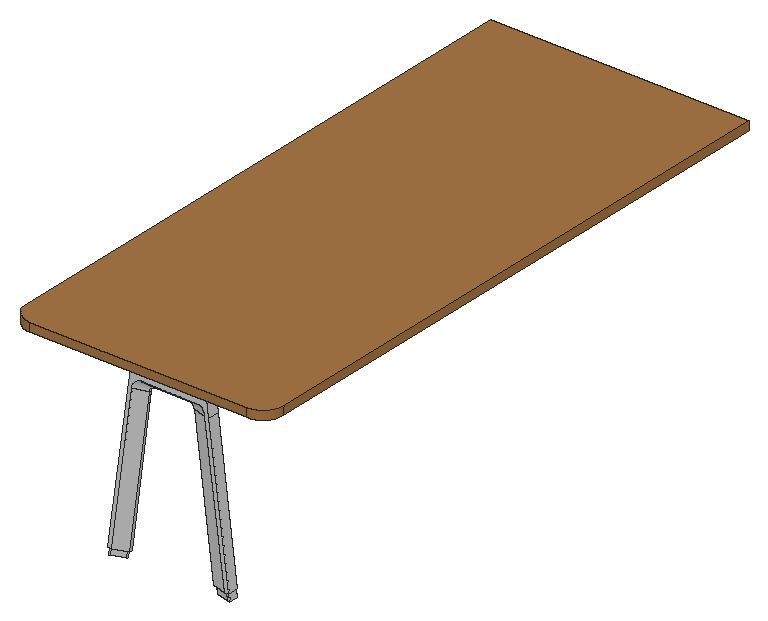
Revit family "Worksurface-Teknion-JNWPSN-Peninsula-R2018", category Furniture, Revit 2018
Family settings
  OmniClass Number = 23.40.20.00
  OmniClass Title = General Furniture and Specialties
  Work Plane-Based = No
  Always vertical = Yes
  Cut with Voids When Loaded = No
  Shared = Yes
  Room Calculation Point = No
Parameters (values of type "36" Depth, Curved Corner Detail")
  Worksurface Finish [instance] = Foundation Laminate - Teknion - YA - Anigre
  Worksurface Edge = if(Corner, 5.000", 1.000")  # 5.000"
  Width [instance] = 84.000"
  Warranty = "http://www.teknion.com/ca/papers/legal-canada"
  Unit Weight URL = "http://www.teknion.com/ca/tools/assets#&asset=bee6a381-b954-425e-8283-5a2de3a804f2,f828d448-4b62-4231-9e5f-9a8991c0ed77"
  URL = "www.teknion.com"
  To render please download texture images found here [instance] = "https://assets.teknion.com/web/5e81352c1dfdb467/revit-material-swatches/"
  Sustainability Data = "https://www.teknion.com/ca/tools/assets#&topic=216f99a5-57a0-44fc-b10a-9dee9b29ae4c&asset=444deb64-fe58-4b68-981e-f75e97781df7,b4ff2d81-9f2e-437d-9659-7cffb09c31cf"
  Standard = no
  Square Cut-Out [instance] = no
  Square Cut [instance] = if([Square Cut-Out], 5.000", 1.000")  # 1.000"
  Series = "Expansion Cityline"  # constant formula
  Product Page URL = "https://www.teknion.com/ca/products/product-details?productlineid=9ad2a26e-8e7a-673b-a6c8-ff05004460c4"
  Product Line = "Expansion Cityline"  # constant formula
  Product Documentation Link = "https://www.teknion.com/pricing/expansion-cityline/pdfs/JNWPSN_ppg.pdf"
  Power and Data Access Options [instance] = "Select one option below."  # constant formula
  Part Number = "JNWPSN"  # constant formula
  No Power and Data Access [instance] = not(or(Access Door, Grommet, [Square Cut-Out]))  # yes
  Model = "JNWPSN36_C_"
  Manufacturer Phone = "416-661-3370"  # constant formula
  Manufacturer Fax = "416.661.4586"  # constant formula
  Manufacturer Contact Information = "http://www.teknion.com/ca/contactus"
  Manufacturer Address = "1150 Flint Road, Toronto, ON. M3J 2J5. Canada"  # constant formula
  Manufacturer = "Teknion"  # constant formula
  Leg Metal Finish [instance] = Paint - Teknion - Foundation - Crisp Grey
  How To Use Teknion Materials User Guide [instance] = "https://assets.teknion.com/m/205dd0a49fa58060/original/How-to-add-a-Material-Library-and-Texture-Images-to-your-Revit-project.pdf"
  Grommet Finish [instance] = Paint - Teknion - Foundation - Crisp Grey
  Grommet [instance] = no
  Freestanding Leg Offset [instance] = 6.000"
  Freestanding Leg - Penisnula Visibility [instance] = yes
  For Additional Finishes please visit [instance] = "https://assets.teknion.com/m/44a8009b046e5d47/original/Teknion_Materials_Library.zip"
  Description = "Peninsula Worksurface, 36\" Depth, Curved Corner Detail"
  Depth = 36.000"
  Corner = yes
  Available Width [instance] = "48, 54, 60, 66, 72, 78, and 84 Inches"  # constant formula
  Assembly Code = "E2020200"
  Actual Width [instance] = if(or(Width < 48.000", Width = 48.000"), 48.000", if(or(Width > 84.000", Width = 84.000"), 84.000", if(or(Width = 54.000", Width = 60.000", Width = 66.000", Width = 72.000"), Width, 66.000")))  # 84.000"
  Access Door Finish [instance] = Paint - Teknion - Foundation - Crisp Grey
  Access Door [instance] = no
  Access Cut [instance] = if(Access Door, 5.000", 1.000")  # 1.000"
Types (7): name | Worksurface Edge | Width | Standard | Model | Description | Depth | Corner | Actual Width
  (no name) | 5.000" | 84.000" | no | "JNWPSN36_C_" | "Peninsula Worksurface, 36\" Depth, Curved Corner Detail" | 36.000" | yes | 84.000"
  24" Depth, Curved Corner Detail | 5.000" | 48.000" | no | "JNWPSN24_C_" | "Peninsula Worksurface, 24\" Depth, Curved Corner Detail" | 24.000" | yes | 48.000"
  24" Depth, Standard Corner Detail | 1.000" | 48.000" | yes | "JNWPSN24_S_" | "Peninsula Worksurface, 24\" Depth, Standard Corner Detail" | 24.000" | no | 48.000"
  30" Depth, Curved Corner Detail | 5.000" | 48.000" | no | "JNWPSN30_C_" | "Peninsula Worksurface, 30\" Depth, Curved Corner Detail" | 30.000" | yes | 48.000"
  30" Depth, Standard Corner Detail | 1.000" | 48.000" | yes | "JNWPSN30_S_" | "Peninsula Worksurface, 30\" Depth, Standard Corner Detail" | 30.000" | no | 48.000"
  36" Depth, Curved Corner Detail | 5.000" | 84.000" | no | "JNWPSN36_C_" | "Peninsula Worksurface, 36\" Depth, Curved Corner Detail" | 36.000" | yes | 84.000"
  36" Depth, Standard Corner Detail | 1.000" | 48.000" | yes | "JNWPSN36_S_" | "Peninsula Worksurface, 36\" Depth, Standard Corner Detail" | 36.000" | no | 48.000"
Reference planes (in)
  plane 1 "Center Front/Back": y = 0
  plane 2: z = 0
  plane 3 "Center Left/Right": x = 0
  plane 4 "Left": x = -18
  plane 5 "Right": x = 18
  plane 6 "Back": y = 42
  plane 7 "Front": y = -42
  plane 8 "Top": z = 29
  plane 9 "LEg Plane": y = -36
Forms (in)
  Sweep 1, solid, material "Foundation Laminate - Teknion - YA - Anigre" <- "Worksurface Finish"
    path origin (0, 0, 0) x (1, 0, 0) y (0, 0, 1)
      loop
        line (0, 27.81102) -> (0, 29)
    profile origin (0, 0, 28.40551) x (-1, 0, 0) y (0, -1, 0)
      loop
        line (18, -42) -> (18, 42) -> (-18, 42) -> (-18, -42) -> (18, -42)
  Sweep 2, void
    path origin (0, 0, 0) x (1, 0, 0) y (0, 0, 1)
      loop
        line (0, 31) -> (0, 26)
    profile origin (0, 0, 28.5) x (0, -1, 0) y (1, 0, 0)
      loop
        line (42, -18) -> (42, -15.126)
        arc (42, -15.126) -> (41.15822, -17.15822) -> (39.126, -18) r 2.874
        line (39.126, -18) -> (42, -18)
      loop
        line (42, 18) -> (39.126, 18)
        arc (39.126, 18) -> (41.15822, 17.15822) -> (42, 15.126) r 2.874
        line (42, 15.126) -> (42, 18)
  Sweep 3, void
    path origin (0, 0, 0) x (1, 0, 0) y (0, 0, 1)
      loop
        line (0, 31) -> (0, 30)
    profile origin (0, 0, 30.5) x (0, -1, 0) y (1, 0, 0)
      loop
        arc (-37.55354, -0.58661) -> (-37.44792, -0.84162) -> (-37.19291, -0.94724) r 0.36063
        line (-37.19291, -0.94724) -> (-36.01969, -0.94724)
        arc (-36.01969, -0.94724) -> (-35.76468, -0.84162) -> (-35.65906, -0.58661) r 0.36063
        line (-35.65906, -0.58661) -> (-35.65906, 0.58661)
        arc (-35.65906, 0.58661) -> (-35.76468, 0.84162) -> (-36.01969, 0.94724) r 0.36063
        line (-36.01969, 0.94724) -> (-37.19291, 0.94724)
        arc (-37.19291, 0.94724) -> (-37.44792, 0.84162) -> (-37.55354, 0.58661) r 0.36063
        line (-37.55354, 0.58661) -> (-37.55354, -0.58661)
  Sweep 4, solid, material "Paint - Teknion - Foundation - Crisp Grey" <- "Grommet Finish", visible <- "Square Cut-Out"
    path origin (0, 0, 0) x (1, 0, 0) y (0, 0, 1)
      loop
        line (0, 29) -> (0, 27.44488)
    profile origin (0, 0, 28.22244) x (0, -1, 0) y (1, 0, 0)
      loop
        line (-37.55354, 0.58661) -> (-37.55354, -0.58661)
        arc (-37.55354, -0.58661) -> (-37.44792, -0.84162) -> (-37.19291, -0.94724) r 0.36063
        line (-37.19291, -0.94724) -> (-36.01969, -0.94724)
        arc (-36.01969, -0.94724) -> (-35.76468, -0.84162) -> (-35.65906, -0.58661) r 0.36063
        line (-35.65906, -0.58661) -> (-35.65906, 0.58661)
        arc (-35.65906, 0.58661) -> (-35.76468, 0.84162) -> (-36.01969, 0.94724) r 0.36063
        line (-36.01969, 0.94724) -> (-37.19291, 0.94724)
        arc (-37.19291, 0.94724) -> (-37.44792, 0.84162) -> (-37.55354, 0.58661) r 0.36063
      loop
        arc (-37.48254, -0.58661) -> (-37.39771, -0.79141) -> (-37.19291, -0.87624) r 0.28963
        line (-37.19291, -0.87624) -> (-36.01969, -0.87624)
        arc (-36.01969, -0.87624) -> (-35.81489, -0.79141) -> (-35.73006, -0.58661) r 0.28963
        line (-35.73006, -0.58661) -> (-35.73006, 0.58661)
        arc (-35.73006, 0.58661) -> (-35.81489, 0.79141) -> (-36.01969, 0.87624) r 0.28963
        line (-36.01969, 0.87624) -> (-37.19291, 0.87624)
        arc (-37.19291, 0.87624) -> (-37.39771, 0.79141) -> (-37.48254, 0.58661) r 0.28963
        line (-37.48254, 0.58661) -> (-37.48254, -0.58661)
  Sweep 5, solid, material "Paint - Teknion - Foundation - Crisp Grey" <- "Access Door Finish", visible <- "Grommet"
    path origin (0, 0, 0) x (1, 0, 0) y (0, 0, 1)
      loop
        line (0, 29) -> (0, 29.15748)
    profile origin (0, 0, 29.07874) x (-1, 0, 0) y (0, -1, 0)
      loop
        line (3.32716, -38.02833) -> (3.32716, -35.18427) -> (0.47893, -35.18427) -> (0.47893, -38.02833) -> (3.32716, -38.02833)
  Sweep 6, solid, material "Paint - Teknion - Foundation - Crisp Grey" <- "Grommet Finish", visible <- "Grommet"
    path origin (0, 0, 0) x (1, 0, 0) y (0, 0, 1)
      loop
        line (0, 29) -> (0, 29.15748)
    profile origin (0, 0, 29.07874) x (-1, 0, 0) y (0, -1, 0)
      loop
        line (0.47893, -38.02833) -> (0.47893, -36.81897) -> (-1.80067, -36.81897) -> (-1.80067, -36.39363) -> (0.47893, -36.39363) -> (0.47893, -35.18427) -> (-3.32816, -35.18427) -> (-3.32816, -38.02833) -> (0.47893, -38.02833)
  Sweep 7, solid, material "Paint - Teknion - Foundation - Crisp Grey" <- "Access Door Finish", visible <- "Access Door"
    path origin (0, 0, 0) x (1, 0, 0) y (0, 0, 1)
      loop
        line (0, 29) -> (0, 29.07874)
    profile origin (0, 0, 29.03937) x (-1, 0, 0) y (0, -1, 0)
      loop
        line (4.72441, -39.72835) -> (4.72441, -33.27165) -> (-4.72441, -33.27165) -> (-4.72441, -39.72835) -> (4.72441, -39.72835)
      loop
        line (4.40945, -33.58661) -> (-4.40945, -33.58661) -> (-4.40945, -39.41339) -> (4.40945, -39.41339) -> (4.40945, -33.58661)
      loop
        line (-4.37008, -38.88189) -> (4.37008, -38.88189) -> (4.37008, -34.11811) -> (-4.37008, -34.11811) -> (-4.37008, -38.88189)
  Sweep 8, void
    path origin (0, 0, 0) x (1, 0, 0) y (0, 0, 1)
      loop
        line (0, 31) -> (0, 30)
    profile origin (0, 0, 30.5) x (0, -1, 0) y (1, 0, 0)
      loop
        line (-39.625, -4.625) -> (-33.375, -4.625) -> (-33.375, 4.625) -> (-39.625, 4.625) -> (-39.625, -4.625)
  Sweep 9, solid, material "Paint - Teknion - Foundation - Crisp Grey" <- "Leg Metal Finish", visible <- "Freestanding Leg - Penisnula Visibility"
    path origin (0, 0, 0) x (1, 0, 0) y (0, 0, 1)
      loop
        line (0, 27.81102) -> (0, 27.69291)
    profile origin (0, 0, 27.75197) x (0, -1, 0) y (1, 0, 0)
      loop
        line (33.51969, -6.26289) -> (38.48031, -6.26289) -> (38.48031, 6.24892) -> (33.51969, 6.24892) -> (33.51969, -6.26289)
  SweptBlend 10, solid, material "Paint - Teknion - Foundation - Crisp Grey" <- "Leg Metal Finish", visible <- "Freestanding Leg - Penisnula Visibility"
    path origin (0, 0, 0) x (1, 0, 0) y (0, 0, 1)
      loop
        line (0, 1) -> (0, 22.06496)
    profile origin (0, 0, 1) x (-1, 0, 0) y (0, -1, 0)
      loop
        line (8.41459, 35.25) -> (8.41459, 36.75) -> (7.91028, 36.75) -> (5.89302, 36.13156) -> (5.89302, 35.86844) -> (7.91028, 35.25) -> (8.41459, 35.25)
    end profile origin (0, 0, 22.06496) x (-1, 0, 0) y (0, -1, 0)
      loop
        line (5.13702, 35.25) -> (5.64134, 35.25) -> (5.64134, 36.75) -> (5.13702, 36.75) -> (3.11976, 36.13156) -> (3.11976, 35.86844) -> (5.13702, 35.25)
  SweptBlend 11, solid, material "Paint - Teknion - Foundation - Crisp Grey" <- "Leg Metal Finish", visible <- "Freestanding Leg - Penisnula Visibility"
    path origin (0, 0, 0) x (1, 0, 0) y (0, 0, 1)
      loop
        line (0, 22.06496) -> (0, 1)
    profile origin (0, 0, 22.06496) x (0, -1, 0) y (1, 0, 0)
      loop
        line (36.13156, 3.11976) -> (36.75, 5.13702) -> (36.75, 5.64134) -> (35.25, 5.64134) -> (35.25, 5.13702) -> (35.86844, 3.11976) -> (36.13156, 3.11976)
    end profile origin (0, 0, 1) x (0, -1, 0) y (1, 0, 0)
      loop
        line (35.25, 8.41389) -> (35.25, 7.90957) -> (35.86844, 5.89231) -> (36.13156, 5.89231) -> (36.75, 7.90957) -> (36.75, 8.41389) -> (35.25, 8.41389)
  Sweep 12, solid, material "Paint - Teknion - Foundation - Crisp Grey" <- "Leg Metal Finish", visible <- "Freestanding Leg - Penisnula Visibility"
    path origin (0, 0, 0) x (1, 0, 0) y (0, 1, 0)
      loop
        line (0, -35.25) -> (0, -36.75)
    profile origin (0, -36, 0) x (1, 0, 0) y (0, 0, 1)
      loop
        line (-5.64134, 22.06496) -> (-3.11976, 22.06496)
        arc (-3.11976, 22.06496) -> (-2.8333, 22.6009) -> (-2.26455, 22.81496) r 0.86259
        line (-2.26455, 22.81496) -> (2.25059, 22.81496)
        arc (2.25059, 22.81496) -> (2.8246, 22.60154) -> (3.11976, 22.06496) r 0.87864
        line (3.11976, 22.06496) -> (5.64134, 22.06496) -> (4.96764, 27.69291) -> (-4.9004, 27.69291) -> (-5.64134, 22.06496)
  SweptBlend 13, void
    path origin (0, 0, 0) x (1, 0, 0) y (0, 1, 0)
      loop
        line (0, -36.13156) -> (0, -36.75)
    profile origin (0, -36.13156, 0) x (1, 0, 0) y (0, 0, 1)
      loop
        arc (-2.26455, 22.81496) -> (-2.8333, 22.6009) -> (-3.11976, 22.06496) r 0.86259
        line (-3.11976, 22.06496) -> (3.11976, 22.06496)
        arc (3.11976, 22.06496) -> (2.8246, 22.60154) -> (2.25059, 22.81496) r 0.87864
        line (2.25059, 22.81496) -> (-2.26455, 22.81496)
    end profile origin (0, -36.75, 0) x (1, 0, 0) y (0, 0, 1)
      loop
        line (-5.13702, 22.06496) -> (5.13702, 22.06496)
        arc (5.13702, 22.06496) -> (4.66275, 22.9629) -> (3.71775, 23.33465) r 1.46062
        line (3.71775, 23.33465) -> (-3.71775, 23.33465)
        arc (-3.71775, 23.33465) -> (-4.66275, 22.9629) -> (-5.13702, 22.06496) r 1.46062
  SweptBlend 14, void
    path origin (0, 0, 0) x (1, 0, 0) y (0, 1, 0)
      loop
        line (0, -35.86844) -> (0, -35.25)
    profile origin (0, -35.86844, 0) x (-1, 0, 0) y (0, 0, 1)
      loop
        line (2.26455, 22.81496) -> (-2.25059, 22.81496)
        arc (-2.25059, 22.81496) -> (-2.8246, 22.60154) -> (-3.11976, 22.06496) r 0.87864
        line (-3.11976, 22.06496) -> (3.11976, 22.06496)
        arc (3.11976, 22.06496) -> (2.8333, 22.6009) -> (2.26455, 22.81496) r 0.86259
    end profile origin (0, -35.25, 0) x (-1, 0, 0) y (0, 0, 1)
      loop
        arc (5.13702, 22.06496) -> (4.66275, 22.9629) -> (3.71775, 23.33465) r 1.46062
        line (3.71775, 23.33465) -> (-3.71775, 23.33465)
        arc (-3.71775, 23.33465) -> (-4.66275, 22.9629) -> (-5.13702, 22.06496) r 1.46062
        line (-5.13702, 22.06496) -> (5.13702, 22.06496)
  SweptBlend 15, solid, material "Paint - Teknion - Foundation - Crisp Grey" <- "Leg Metal Finish", visible <- "Freestanding Leg - Penisnula Visibility"
    path origin (-18, -36, 48) x (-1, 0, 0) y (0, 0, 1)
      loop
        line (-18, -48) -> (-18, -47)
    profile origin (0, -36, 0) x (1, 0, 0) y (0, 1, 0)
      loop
        line (-8.40726, 0.59252) -> (-8.40726, -0.59252) -> (-8.1714, -0.59252) -> (-6.34235, -0.01579) -> (-6.34235, 0.01579) -> (-8.1714, 0.59252) -> (-8.40726, 0.59252)
    end profile origin (0, -36, 1) x (1, 0, 0) y (0, 1, 0)
      loop
        line (-8.27561, 0.59252) -> (-8.27561, -0.59252) -> (-8.03975, -0.59252) -> (-6.2107, -0.01579) -> (-6.2107, 0.01579) -> (-8.03975, 0.59252) -> (-8.27561, 0.59252)
  SweptBlend 16, solid, material "Paint - Teknion - Foundation - Crisp Grey" <- "Leg Metal Finish", visible <- "Freestanding Leg - Penisnula Visibility"
    path origin (-18, -36, 48) x (-1, 0, 0) y (0, 0, 1)
      loop
        line (-18, -48) -> (-18, -47)
    profile origin (0, -36, 0) x (1, 0, 0) y (0, 1, 0)
      loop
        line (8.1714, 0.59252) -> (6.34235, 0.01579) -> (6.34235, -0.01579) -> (8.1714, -0.59252) -> (8.40726, -0.59252) -> (8.40726, 0.59252) -> (8.1714, 0.59252)
    end profile origin (0, -36, 1) x (1, 0, 0) y (0, 1, 0)
      loop
        line (6.2107, 0.01579) -> (6.2107, -0.01579) -> (8.03975, -0.59252) -> (8.27561, -0.59252) -> (8.27561, 0.59252) -> (8.03975, 0.59252) -> (6.2107, 0.01579)
Cuts and joins
  Sweep 2, Sweep 3, Sweep 8 cuts Sweep 1
  SweptBlend 13, SweptBlend 14 cuts Sweep 12
  joined: Sweep 9, SweptBlend 10, SweptBlend 11, Sweep 12, SweptBlend 15, SweptBlend 16
Lines and regions (in)
  Masking region 1, visible <- "Standard"
    outline origin (0, 0, 0) x (1, 0, 0) y (0, 1, 0)
      loop
        line (-18, 42) -> (-18, -42) -> (18, -42) -> (18, 42) -> (-18, 42)
  Masking region 2, visible <- "Corner"
    outline origin (0, 0, 0) x (1, 0, 0) y (0, 1, 0)
      loop
        arc (-18, -39.126) -> (-17.15822, -41.15822) -> (-15.126, -42) r 2.874
        line (-15.126, -42) -> (15.126, -42)
        arc (15.126, -42) -> (17.15822, -41.15822) -> (18, -39.126) r 2.874
        line (18, -39.126) -> (18, 42) -> (-18, 42) -> (-18, -39.126)
  symbolic lines, style "FurnitureHiddenLines", visible <- "Freestanding Leg - Penisnula Visibility", detail levels medium+fine
    curve 1: line (-6.26289, -33.51969, 0) -> (-6.26289, -38.48031, 0)
    curve 2: line (6.24892, -38.48031, 0) -> (6.24892, -33.51969, 0)
    curve 3: line (6.24892, -33.51969, 0) -> (-6.26289, -33.51969, 0)
    curve 4: line (-6.26289, -38.48031, 0) -> (6.24892, -38.48031, 0)
    curve 5: line (-8.41459, -36.75, 0) -> (-8.41459, -35.25, 0)
    curve 6: line (-8.41459, -35.25, 0) -> (8.41389, -35.25, 0)
    curve 7: line (-8.41459, -36.75, 0) -> (8.41389, -36.75, 0)
    curve 8: line (-5.89302, -36.13156, 0) -> (-7.91028, -36.75, 0)
    curve 9: line (-7.91028, -35.25, 0) -> (-5.89302, -35.86844, 0)
    curve 10: line (-5.89302, -35.86844, 0) -> (-5.89302, -36.13156, 0)
    curve 11: line (5.89231, -36.13156, 0) -> (5.89231, -35.86844, 0)
    curve 12: line (5.89231, -35.86844, 0) -> (7.90957, -35.25, 0)
    curve 13: line (7.90957, -36.75, 0) -> (5.89231, -36.13156, 0)
  symbolic lines, style "FurnitureHiddenLines", visible <- "Freestanding Leg - Penisnula Visibility", detail levels fine
    curve 14: line (-8.03975, -35.40748, 0) -> (-8.40726, -35.40748, 0)
    curve 15: line (-8.40726, -36.59252, 0) -> (-8.03975, -36.59252, 0)
    curve 16: line (-8.03975, -36.59252, 0) -> (-6.16063, -36, 0)
    curve 17: line (-6.16063, -36, 0) -> (-8.03975, -35.40748, 0)
    curve 18: line (-8.40726, -36.59252, 0) -> (-8.40726, -35.40748, 0)
    curve 19: line (8.03975, -35.40748, 0) -> (6.16063, -36, 0)
    curve 20: line (6.16063, -36, 0) -> (8.03975, -36.59252, 0)
    curve 21: line (8.03975, -36.59252, 0) -> (8.40726, -36.59252, 0)
    curve 22: line (8.40726, -35.40748, 0) -> (8.03975, -35.40748, 0)
    curve 23: line (8.40726, -35.40748, 0) -> (8.40726, -36.59252, 0)
    curve 24: line (-5.89302, -36.13156, 0) -> (-3.11976, -36.13156, 0)
    curve 25: line (-3.11976, -36.13156, 0) -> (-2.26455, -36.13156, 0)
    curve 26: line (2.25059, -36.13156, 0) -> (-2.26455, -36.13156, 0)
    curve 27: line (2.25059, -36.13156, 0) -> (3.11976, -36.13156, 0)
    curve 28: line (3.11976, -36.13156, 0) -> (5.89231, -36.13156, 0)
    curve 29: line (3.11976, -35.86844, 0) -> (5.89231, -35.86844, 0)
    curve 30: line (2.25059, -35.86844, 0) -> (3.11976, -35.86844, 0)
    curve 31: line (-2.26455, -35.86844, 0) -> (2.25059, -35.86844, 0)
    curve 32: line (-3.11976, -35.86844, 0) -> (-2.26455, -35.86844, 0)
    curve 33: line (-5.89302, -35.86844, 0) -> (-3.11976, -35.86844, 0)
  symbolic lines, visible <- "Square Cut-Out"
    curve 34: arc (-0.58661, 37.55354, 0) -> (-0.84162, 37.44792, 0) -> (-0.94724, 37.19291, 0) r 0.36063
    curve 35: line (0.58661, 37.55354, 0) -> (-0.58661, 37.55354, 0)
    curve 36: arc (0.94724, 37.19291, 0) -> (0.84162, 37.44792, 0) -> (0.58661, 37.55354, 0) r 0.36063
    curve 37: line (0.94724, 36.01969, 0) -> (0.94724, 37.19291, 0)
    curve 38: arc (0.58661, 35.65906, 0) -> (0.84162, 35.76468, 0) -> (0.94724, 36.01969, 0) r 0.36063
    curve 39: line (-0.58661, 35.65906, 0) -> (0.58661, 35.65906, 0)
    curve 40: line (-0.94724, 37.19291, 0) -> (-0.94724, 36.01969, 0)
    curve 41: arc (-0.94724, 36.01969, 0) -> (-0.84162, 35.76468, 0) -> (-0.58661, 35.65906, 0) r 0.36063
    curve 42: line (-0.87624, 36.01969, 0) -> (-0.87624, 37.19291, 0)
    curve 43: line (0.58661, 35.73006, 0) -> (-0.58661, 35.73006, 0)
    curve 44: line (0.87624, 37.19291, 0) -> (0.87624, 36.01969, 0)
    curve 45: line (-0.58661, 37.48254, 0) -> (0.58661, 37.48254, 0)
    curve 46: arc (-0.87624, 37.19291, 0) -> (-0.79141, 37.39771, 0) -> (-0.58661, 37.48254, 0) r 0.28963
    curve 47: arc (0.58661, 37.48254, 0) -> (0.79141, 37.39771, 0) -> (0.87624, 37.19291, 0) r 0.28963
    curve 48: arc (0.87624, 36.01969, 0) -> (0.79141, 35.81489, 0) -> (0.58661, 35.73006, 0) r 0.28963
    curve 49: arc (-0.58661, 35.73006, 0) -> (-0.79141, 35.81489, 0) -> (-0.87624, 36.01969, 0) r 0.28963
  symbolic lines, visible <- "Grommet"
    curve 50: line (-0.47893, 38.02833, 0) -> (-3.32716, 38.02833, 0)
    curve 51: line (3.32816, 38.02833, 0) -> (-0.47893, 38.02833, 0)
    curve 52: line (3.32816, 35.18427, 0) -> (3.32816, 38.02833, 0)
    curve 53: line (-0.47893, 35.18427, 0) -> (3.32816, 35.18427, 0)
    curve 54: line (-3.32716, 35.18427, 0) -> (-0.47893, 35.18427, 0)
    curve 55: line (-3.32716, 38.02833, 0) -> (-3.32716, 35.18427, 0)
    curve 56: line (-0.47893, 35.18427, 0) -> (-0.47893, 38.02833, 0)
    curve 57: line (-0.47893, 36.81897, 0) -> (1.80067, 36.81897, 0)
    curve 58: line (1.80067, 36.39363, 0) -> (-0.47893, 36.39363, 0)
    curve 59: line (1.80067, 36.81897, 0) -> (1.80067, 36.39363, 0)
  symbolic lines, visible <- "Access Door"
    curve 60: line (4.37008, 38.88189, 0) -> (-4.37008, 38.88189, 0)
    curve 61: line (-4.37008, 38.88189, 0) -> (-4.37008, 34.11811, 0)
    curve 62: line (-4.37008, 34.11811, 0) -> (4.37008, 34.11811, 0)
    curve 63: line (4.37008, 34.11811, 0) -> (4.37008, 38.88189, 0)
    curve 64: line (-4.40945, 39.41339, 0) -> (4.40945, 39.41339, 0)
    curve 65: line (4.40945, 39.41339, 0) -> (4.40945, 33.58661, 0)
    curve 66: line (4.40945, 33.58661, 0) -> (-4.40945, 33.58661, 0)
    curve 67: line (-4.40945, 33.58661, 0) -> (-4.40945, 39.41339, 0)
    curve 68: line (4.72441, 39.72835, 0) -> (-4.72441, 39.72835, 0)
    curve 69: line (-4.72441, 39.72835, 0) -> (-4.72441, 33.27165, 0)
    curve 70: line (-4.72441, 33.27165, 0) -> (4.72441, 33.27165, 0)
    curve 71: line (4.72441, 33.27165, 0) -> (4.72441, 39.72835, 0)
  symbolic lines, style "FurnitureHiddenLines", visible <- "Access Door", detail levels medium+fine
    curve 72: line (-4.625, 39.625, 0) -> (-4.625, 33.375, 0)
    curve 73: line (-4.625, 33.375, 0) -> (4.625, 33.375, 0)
    curve 74: line (4.625, 33.375, 0) -> (4.625, 39.625, 0)
    curve 75: line (4.625, 39.625, 0) -> (-4.625, 39.625, 0)
Dimensions and locks (in)
  "Depth": plane 4 "Left" to plane 5 "Right"
  "Actual Width": plane 6 "Back" to plane 7 "Front"
  locked: plane 8 "Top" to level at 29
  equal spacing: plane 6 "Back", plane 1 "Center Front/Back", plane 7 "Front"
  equal spacing: plane 4 "Left", plane 3 "Center Left/Right", plane 5 "Right"
  locked: plane 8 "Top" to Sweep 1 sketch curve at 1.18898
  locked: Sweep 2 sketch curve to plane 8 "Top" at 2
  "Worksurface Edge": Sweep 2 sketch curve to Sweep 2 sketch curve
  locked: plane 7 "Front" to Sweep 2 sketch curve at 2.874  (x2)
  locked: plane 4 "Left" to Sweep 2 sketch curve at 2.874
  locked: Sweep 2 sketch curve to plane 5 "Right" at 2.874
  Sweep 3 sketch curve to plane 8 "Top" = 2.000"
  "Square Cut": Sweep 3 sketch curve to Sweep 3 sketch curve
  plane 6 "Back" to Sweep 3 sketch curve to Sweep 3 sketch curve to Sweep 3 sketch curve to Sweep 3 sketch curve to Sweep 3 sketch curve to Sweep 3 sketch curve = 4.44646" locked, 0.36063" locked, 0.000" locked, 1.17323" locked, 0.000" locked, 0.36063" locked
  Sweep 3 sketch curve to Sweep 3 sketch curve to Sweep 3 sketch curve to plane 3 "Center Left/Right" to Sweep 3 sketch curve to Sweep 3 sketch curve to Sweep 3 sketch curve = 0.36063" locked, 0.000" locked, 0.58661" locked, 0.58661" locked, 0.000" locked, 0.36063" locked
  locked: plane 8 "Top" to Sweep 4 sketch curve at 1.55512
  Sweep 4 sketch curve to Sweep 4 sketch curve to Sweep 4 sketch curve to Sweep 4 sketch curve to Sweep 4 sketch curve to Sweep 4 sketch curve to Sweep 4 sketch curve to Sweep 4 sketch curve to Sweep 4 sketch curve to Sweep 4 sketch curve to Sweep 4 sketch curve to Sweep 4 sketch curve to Sweep 4 sketch curve = 0.071" locked, 0.28963" locked, 0.000" locked, 0.000" locked, 0.000" locked, 0.000" locked, 1.17323" locked, 0.000" locked, 0.000" locked, 0.000" locked, 0.28963" locked, 0.071" locked
  plane 6 "Back" to Sweep 4 sketch curve to Sweep 4 sketch curve to Sweep 4 sketch curve to Sweep 4 sketch curve to Sweep 4 sketch curve to Sweep 4 sketch curve to Sweep 4 sketch curve to Sweep 4 sketch curve to Sweep 4 sketch curve to Sweep 4 sketch curve to Sweep 4 sketch curve to Sweep 4 sketch curve = 4.44646" locked, 0.071" locked, 0.28963" locked, 0.000" locked, 0.000" locked, 0.000" locked, 1.17323" locked, 0.000" locked, 0.000" locked, 0.000" locked, 0.28963" locked, 0.071" locked
  locked: Sweep 5 sketch curve to plane 8 "Top" at 0.15748
  plane 6 "Back" to Sweep 5 sketch curve to Sweep 5 sketch curve = 3.97167" locked, 2.84406" locked
  Sweep 5 sketch curve to Sweep 5 sketch curve to plane 3 "Center Left/Right" = 2.84823" locked, 0.47893" locked
  locked: Sweep 6 sketch curve to plane 8 "Top" at 0.15748
  plane 6 "Back" to Sweep 6 sketch curve to Sweep 6 sketch curve to Sweep 6 sketch curve to Sweep 6 sketch curve = 3.97167" locked, 1.20936" locked, 0.42535" locked, 1.20936" locked
  Sweep 6 sketch curve to Sweep 6 sketch curve to plane 3 "Center Left/Right" to Sweep 6 sketch curve to Sweep 6 sketch curve = 0.000" locked, 0.47893" locked, 1.80067" locked, 1.52748" locked
  locked: Sweep 7 sketch curve to plane 8 "Top" at 0.07874
  Sweep 7 sketch curve to Sweep 7 sketch curve to Sweep 7 sketch curve to plane 3 "Center Left/Right" to Sweep 7 sketch curve to Sweep 7 sketch curve to Sweep 7 sketch curve = 0.31496" locked, 0.03937" locked, 4.37008" locked, 4.37008" locked, 0.03937" locked, 0.31496" locked
  plane 6 "Back" to Sweep 7 sketch curve to Sweep 7 sketch curve to Sweep 7 sketch curve to Sweep 7 sketch curve to Sweep 7 sketch curve to Sweep 7 sketch curve = 2.27165" locked, 0.31496" locked, 0.5315" locked, 4.76378" locked, 0.5315" locked, 0.31496" locked
  locked: Sweep 8 sketch curve to plane 8 "Top" at 2
  "Access Cut": Sweep 8 sketch curve to Sweep 8 sketch curve
  plane 6 "Back" to Sweep 8 sketch curve to Sweep 8 sketch curve = 2.375" locked, 6.250" locked
  Sweep 8 sketch curve to plane 3 "Center Left/Right" to Sweep 8 sketch curve = 4.625" locked, 4.625" locked
  "Freestanding Leg Offset": plane 7 "Front" to plane 9 "LEg Plane"
  plane 8 "Top" to Sweep 9 sketch curve to Sweep 9 sketch curve = 1.18898" locked, 0.11811" locked
  Sweep 9 sketch curve to plane 3 "Center Left/Right" to Sweep 9 sketch curve = 6.26289" locked, 6.24892" locked
  Sweep 9 sketch curve to plane 9 "LEg Plane" to Sweep 9 sketch curve = 2.48031" locked, 2.48031" locked
  SweptBlend 10 sketch curve to SweptBlend 10 sketch curve to level = 21.06496" locked, 1.000" locked
  SweptBlend 10 sketch curve to SweptBlend 10 sketch curve to SweptBlend 10 sketch curve to SweptBlend 10 sketch curve to plane 3 "Center Left/Right" = 0.50431" locked, 0.000" locked, 2.01726" locked, 5.89302" locked
  SweptBlend 10 sketch curve to SweptBlend 10 sketch curve to plane 9 "LEg Plane" to SweptBlend 10 sketch curve to SweptBlend 10 sketch curve = 0.61844" locked, 0.13156" locked, 0.13156" locked, 0.61844" locked  (x2)
  SweptBlend 10 sketch curve to SweptBlend 10 sketch curve to SweptBlend 10 sketch curve to SweptBlend 10 sketch curve to plane 3 "Center Left/Right" = 0.50431" locked, 0.000" locked, 2.01726" locked, 3.11976" locked
  SweptBlend 11 sketch curve to SweptBlend 11 sketch curve to level = 21.06496" locked, 1.000" locked
  plane 3 "Center Left/Right" to SweptBlend 11 sketch curve to SweptBlend 11 sketch curve to SweptBlend 11 sketch curve to SweptBlend 11 sketch curve = 3.11976" locked, 2.01726" locked, 0.000" locked, 0.50431" locked
  SweptBlend 11 sketch curve to SweptBlend 11 sketch curve to plane 9 "LEg Plane" to SweptBlend 11 sketch curve to SweptBlend 11 sketch curve = 0.61844" locked, 0.13156" locked, 0.13156" locked, 0.61844" locked  (x2)
  Sweep 12 sketch curve to plane 9 "LEg Plane" to Sweep 12 sketch curve = 0.750" locked, 0.750" locked
  plane 9 "LEg Plane" to SweptBlend 13 sketch curve to SweptBlend 13 sketch curve = 0.13156" locked, 0.61844" locked
  SweptBlend 13 sketch curve to SweptBlend 13 sketch curve to level = 1.26969" locked, 22.06496" locked
  SweptBlend 13 sketch curve to SweptBlend 13 sketch curve to plane 3 "Center Left/Right" to SweptBlend 13 sketch curve to SweptBlend 13 sketch curve = 1.41927" locked, 3.71775" locked, 3.71775" locked, 1.41927" locked
  SweptBlend 13 sketch curve to SweptBlend 13 sketch curve to level = 0.750", 22.06496" locked
  SweptBlend 13 sketch curve to SweptBlend 13 sketch curve to plane 3 "Center Left/Right" to SweptBlend 13 sketch curve to SweptBlend 13 sketch curve = 0.86918" locked, 2.25059" locked, 2.26455" locked, 0.85521" locked
  plane 9 "LEg Plane" to SweptBlend 14 sketch curve to SweptBlend 14 sketch curve = 0.13156" locked, 0.61844" locked
  SweptBlend 14 sketch curve to SweptBlend 14 sketch curve to plane 3 "Center Left/Right" to SweptBlend 14 sketch curve to SweptBlend 14 sketch curve = 0.86918" locked, 2.25059" locked, 2.26455" locked, 0.85521" locked
  SweptBlend 14 sketch curve to SweptBlend 14 sketch curve to level = 0.750" locked, 22.06496" locked
  SweptBlend 14 sketch curve to SweptBlend 14 sketch curve to plane 3 "Center Left/Right" to SweptBlend 14 sketch curve to SweptBlend 14 sketch curve = 1.41927" locked, 3.71775" locked, 3.71775" locked, 1.41927" locked
  SweptBlend 14 sketch curve to SweptBlend 14 sketch curve to level = 1.26969" locked, 22.06496" locked
  plane 3 "Center Left/Right" to SweptBlend 11 sketch curve to SweptBlend 11 sketch curve to SweptBlend 11 sketch curve to SweptBlend 11 sketch curve = 5.89231" locked, 2.01726" locked, 0.000" locked, 0.50431" locked
  locked: SweptBlend 15 sketch curve to level at 1
  SweptBlend 15 sketch curve to SweptBlend 15 sketch curve to SweptBlend 15 sketch curve to SweptBlend 15 sketch curve to plane 3 "Center Left/Right" = 0.23586" locked, 0.000" locked, 1.82905" locked, 6.34235" locked
  SweptBlend 15 sketch curve to SweptBlend 15 sketch curve to plane 9 "LEg Plane" to SweptBlend 15 sketch curve to SweptBlend 15 sketch curve = 0.57673" locked, 0.01579" locked, 0.01579" locked, 0.57673" locked  (x2)
  SweptBlend 15 sketch curve to SweptBlend 15 sketch curve to SweptBlend 15 sketch curve to SweptBlend 15 sketch curve to plane 3 "Center Left/Right" = 0.23586" locked, 0.000" locked, 1.82905" locked, 6.2107" locked
  plane 3 "Center Left/Right" to SweptBlend 16 sketch curve to SweptBlend 16 sketch curve to SweptBlend 16 sketch curve to SweptBlend 16 sketch curve = 6.34235" locked, 1.82905" locked, 0.000" locked, 0.23586" locked
  SweptBlend 16 sketch curve to SweptBlend 16 sketch curve to plane 9 "LEg Plane" to SweptBlend 16 sketch curve to SweptBlend 16 sketch curve = 0.57673" locked, 0.01579" locked, 0.01579" locked, 0.57673" locked  (x2)
  plane 3 "Center Left/Right" to SweptBlend 16 sketch curve to SweptBlend 16 sketch curve to SweptBlend 16 sketch curve to SweptBlend 16 sketch curve = 6.2107" locked, 1.82905" locked, 0.000" locked, 0.23586" locked
  aligned and locked: level to plane 2
  aligned and locked: plane 8 "Top" to Sweep 1 sketch curve
  aligned and locked: plane 3 "Center Left/Right" to Sweep 1 sketch curve
  aligned and locked: Sweep 1 sketch curve to plane 6 "Back"
  aligned and locked: plane 4 "Left" to Sweep 1 sketch curve
  aligned and locked: Sweep 1 sketch curve to plane 7 "Front"
  aligned and locked: plane 5 "Right" to Sweep 1 sketch curve
  aligned and locked: Sweep 2 sketch curve to plane 3 "Center Left/Right"
  aligned and locked: plane 4 "Left" to Sweep 2 sketch curve
  aligned and locked: Sweep 2 sketch curve to plane 7 "Front"  (x2)
  aligned and locked: Sweep 2 sketch curve to plane 5 "Right"
  aligned and locked: Masking region 1 sketch curve to plane 6 "Back"
  aligned and locked: Masking region 1 sketch curve to plane 4 "Left"
  aligned and locked: Masking region 1 sketch curve to plane 7 "Front"
  aligned and locked: plane 5 "Right" to Masking region 1 sketch curve
  aligned and locked: plane 8 "Top" to Sweep 4 sketch curve
  aligned and locked: Sweep 4 sketch curve to plane 3 "Center Left/Right"
  aligned and locked: plane 8 "Top" to Sweep 5 sketch curve
  aligned and locked: plane 3 "Center Left/Right" to Sweep 5 sketch curve
  aligned and locked: plane 8 "Top" to Sweep 6 sketch curve
  aligned and locked: plane 3 "Center Left/Right" to Sweep 6 sketch curve
  aligned and locked: plane 8 "Top" to Sweep 7 sketch curve
  aligned and locked: plane 3 "Center Left/Right" to Sweep 7 sketch curve
  aligned and locked: Sweep 8 sketch curve to plane 3 "Center Left/Right"
  aligned and locked: Sweep 9 sketch curve to plane 3 "Center Left/Right"
  aligned and locked: plane 3 "Center Left/Right" to SweptBlend 10 sketch curve
  aligned and locked: SweptBlend 11 sketch curve to plane 3 "Center Left/Right"
  aligned and locked: Sweep 12 sketch curve to plane 3 "Center Left/Right"
  aligned and locked: SweptBlend 13 sketch curve to plane 3 "Center Left/Right"
  aligned and locked: plane 3 "Center Left/Right" to SweptBlend 14 sketch curve
  aligned and locked: plane 3 "Center Left/Right" to SweptBlend 15 sketch curve
  aligned and locked: level to SweptBlend 15 sketch curve
  aligned and locked: level to SweptBlend 16 sketch curve
  aligned and locked: plane 3 "Center Left/Right" to SweptBlend 16 sketch curve
  aligned and locked: curve 1 to cut or joined group of Sweep 9, SweptBlend 10, SweptBlend 11, Sweep 12, SweptBlend 13, SweptBlend 14, SweptBlend 15, SweptBlend 16
  aligned and locked: curve 2 to cut or joined group of Sweep 9, SweptBlend 10, SweptBlend 11, Sweep 12, SweptBlend 13, SweptBlend 14, SweptBlend 15, SweptBlend 16
  aligned and locked: curve 3 to cut or joined group of Sweep 9, SweptBlend 10, SweptBlend 11, Sweep 12, SweptBlend 13, SweptBlend 14, SweptBlend 15, SweptBlend 16
  aligned and locked: curve 4 to cut or joined group of Sweep 9, SweptBlend 10, SweptBlend 11, Sweep 12, SweptBlend 13, SweptBlend 14, SweptBlend 15, SweptBlend 16
  aligned and locked: curve 5 to cut or joined group of Sweep 9, SweptBlend 10, SweptBlend 11, Sweep 12, SweptBlend 13, SweptBlend 14, SweptBlend 15, SweptBlend 16
  aligned and locked: curve 6 to cut or joined group of Sweep 9, SweptBlend 10, SweptBlend 11, Sweep 12, SweptBlend 13, SweptBlend 14, SweptBlend 15, SweptBlend 16
  aligned and locked: curve 7 to cut or joined group of Sweep 9, SweptBlend 10, SweptBlend 11, Sweep 12, SweptBlend 13, SweptBlend 14, SweptBlend 15, SweptBlend 16
  aligned and locked: curve 8 to cut or joined group of Sweep 9, SweptBlend 10, SweptBlend 11, Sweep 12, SweptBlend 13, SweptBlend 14, SweptBlend 15, SweptBlend 16
  aligned and locked: curve 9 to cut or joined group of Sweep 9, SweptBlend 10, SweptBlend 11, Sweep 12, SweptBlend 13, SweptBlend 14, SweptBlend 15, SweptBlend 16
  aligned and locked: curve 10 to cut or joined group of Sweep 9, SweptBlend 10, SweptBlend 11, Sweep 12, SweptBlend 13, SweptBlend 14, SweptBlend 15, SweptBlend 16
  aligned and locked: curve 11 to cut or joined group of Sweep 9, SweptBlend 10, SweptBlend 11, Sweep 12, SweptBlend 13, SweptBlend 14, SweptBlend 15, SweptBlend 16
  aligned and locked: curve 12 to cut or joined group of Sweep 9, SweptBlend 10, SweptBlend 11, Sweep 12, SweptBlend 13, SweptBlend 14, SweptBlend 15, SweptBlend 16
  aligned and locked: curve 13 to cut or joined group of Sweep 9, SweptBlend 10, SweptBlend 11, Sweep 12, SweptBlend 13, SweptBlend 14, SweptBlend 15, SweptBlend 16
  aligned and locked: curve 14 to cut or joined group of Sweep 9, SweptBlend 10, SweptBlend 11, Sweep 12, SweptBlend 13, SweptBlend 14, SweptBlend 15, SweptBlend 16
  aligned and locked: curve 15 to cut or joined group of Sweep 9, SweptBlend 10, SweptBlend 11, Sweep 12, SweptBlend 13, SweptBlend 14, SweptBlend 15, SweptBlend 16
  aligned and locked: curve 16 to cut or joined group of Sweep 9, SweptBlend 10, SweptBlend 11, Sweep 12, SweptBlend 13, SweptBlend 14, SweptBlend 15, SweptBlend 16
  aligned and locked: curve 17 to cut or joined group of Sweep 9, SweptBlend 10, SweptBlend 11, Sweep 12, SweptBlend 13, SweptBlend 14, SweptBlend 15, SweptBlend 16
  aligned and locked: curve 18 to cut or joined group of Sweep 9, SweptBlend 10, SweptBlend 11, Sweep 12, SweptBlend 13, SweptBlend 14, SweptBlend 15, SweptBlend 16
  aligned and locked: curve 19 to cut or joined group of Sweep 9, SweptBlend 10, SweptBlend 11, Sweep 12, SweptBlend 13, SweptBlend 14, SweptBlend 15, SweptBlend 16
  aligned and locked: curve 20 to cut or joined group of Sweep 9, SweptBlend 10, SweptBlend 11, Sweep 12, SweptBlend 13, SweptBlend 14, SweptBlend 15, SweptBlend 16
  aligned and locked: curve 21 to cut or joined group of Sweep 9, SweptBlend 10, SweptBlend 11, Sweep 12, SweptBlend 13, SweptBlend 14, SweptBlend 15, SweptBlend 16
  aligned and locked: curve 22 to cut or joined group of Sweep 9, SweptBlend 10, SweptBlend 11, Sweep 12, SweptBlend 13, SweptBlend 14, SweptBlend 15, SweptBlend 16
  aligned and locked: curve 23 to cut or joined group of Sweep 9, SweptBlend 10, SweptBlend 11, Sweep 12, SweptBlend 13, SweptBlend 14, SweptBlend 15, SweptBlend 16
  aligned and locked: curve 24 to cut or joined group of Sweep 9, SweptBlend 10, SweptBlend 11, Sweep 12, SweptBlend 13, SweptBlend 14, SweptBlend 15, SweptBlend 16
  aligned and locked: curve 25 to cut or joined group of Sweep 9, SweptBlend 10, SweptBlend 11, Sweep 12, SweptBlend 13, SweptBlend 14, SweptBlend 15, SweptBlend 16
  aligned and locked: curve 27 to cut or joined group of Sweep 9, SweptBlend 10, SweptBlend 11, Sweep 12, SweptBlend 13, SweptBlend 14, SweptBlend 15, SweptBlend 16
  aligned and locked: curve 28 to cut or joined group of Sweep 9, SweptBlend 10, SweptBlend 11, Sweep 12, SweptBlend 13, SweptBlend 14, SweptBlend 15, SweptBlend 16
  aligned and locked: curve 29 to cut or joined group of Sweep 9, SweptBlend 10, SweptBlend 11, Sweep 12, SweptBlend 13, SweptBlend 14, SweptBlend 15, SweptBlend 16
  aligned and locked: curve 30 to cut or joined group of Sweep 9, SweptBlend 10, SweptBlend 11, Sweep 12, SweptBlend 13, SweptBlend 14, SweptBlend 15, SweptBlend 16
  aligned and locked: curve 31 to cut or joined group of Sweep 9, SweptBlend 10, SweptBlend 11, Sweep 12, SweptBlend 13, SweptBlend 14, SweptBlend 15, SweptBlend 16
  aligned and locked: curve 32 to cut or joined group of Sweep 9, SweptBlend 10, SweptBlend 11, Sweep 12, SweptBlend 13, SweptBlend 14, SweptBlend 15, SweptBlend 16
  aligned and locked: curve 33 to cut or joined group of Sweep 9, SweptBlend 10, SweptBlend 11, Sweep 12, SweptBlend 13, SweptBlend 14, SweptBlend 15, SweptBlend 16
  aligned and locked: curve 34 to Sweep 3
  aligned and locked: curve 36 to Sweep 3
  aligned and locked: curve 38 to Sweep 3
  aligned and locked: curve 41 to Sweep 3
  aligned and locked: curve 46 to Sweep 4
  aligned and locked: curve 47 to Sweep 4
  aligned and locked: curve 48 to Sweep 4
  aligned and locked: curve 49 to Sweep 4
  aligned and locked: curve 50 to Sweep 5
  aligned and locked: curve 51 to Sweep 6
  aligned and locked: curve 52 to Sweep 6
  aligned and locked: curve 53 to Sweep 6
  aligned and locked: curve 54 to Sweep 5
  aligned and locked: curve 55 to Sweep 5
  aligned and locked: curve 56 to Sweep 5
  aligned and locked: curve 57 to Sweep 6
  aligned and locked: curve 58 to Sweep 6
  aligned and locked: curve 59 to Sweep 6
  aligned and locked: curve 60 to Sweep 7
  aligned and locked: curve 61 to Sweep 7
  aligned and locked: curve 62 to Sweep 7
  aligned and locked: curve 63 to Sweep 7
  aligned and locked: curve 64 to Sweep 7
  aligned and locked: curve 65 to Sweep 7
  aligned and locked: curve 66 to Sweep 7
  aligned and locked: curve 67 to Sweep 7
  aligned and locked: curve 68 to Sweep 7
  aligned and locked: curve 69 to Sweep 7
  aligned and locked: curve 70 to Sweep 7
  aligned and locked: curve 71 to Sweep 7
  aligned and locked: curve 72 to Sweep 8
  aligned and locked: curve 73 to Sweep 8
  aligned and locked: curve 74 to Sweep 8
  aligned and locked: curve 75 to Sweep 8
  aligned and locked: Masking region 2 sketch curve to cut or joined group of Sweep 1, Sweep 2, Sweep 3, Sweep 8  (x2)
  aligned and locked: Masking region 2 sketch curve to plane 6 "Back"
Automatic sketch dimensions
  Sweep 3 sketch curve to plane 3 "Center Left/Right" = 0.000"
  Sweep 4 sketch curve to profile plane = 0.58661"
  profile plane to Sweep 12 sketch curve = 5.64134"
  profile plane to Sweep 12 sketch curve = 4.9004"
  Sweep 12 sketch curve to Sweep 12 sketch curve = 2.52157"  (x2)
  Sweep 12 sketch curve to Sweep 12 sketch curve = 0.85521"
  Sweep 12 sketch curve to profile plane = 2.25059"
  Sweep 12 sketch curve to profile plane = 4.96764"
  Sweep 12 sketch curve to Sweep 12 sketch curve = 0.01605"
  Sweep 12 sketch curve to Sweep 12 sketch curve = 0.11259"
  Sweep 12 sketch curve to Sweep 12 sketch curve = 4.87795"
  level to Sweep 12 sketch curve = 22.06496"
  Sweep 12 sketch curve to Sweep 12 sketch curve = 0.000"
  SweptBlend 13 sketch curve to SweptBlend 13 sketch curve = 0.000"
  SweptBlend 13 sketch curve to SweptBlend 13 sketch curve = 0.02885"
  SweptBlend 14 sketch curve to SweptBlend 14 sketch curve = 0.02885"  (x2)
  level to SweptBlend 16 sketch curve = 1.000"
  curve 7 to curve 6 = 0.000"
  curve 22 to curve 6 = 0.00663"
  curve 24 to curve 24 = 2.77325"
  curve 24 to curve 25 = 0.85521"
  plane 3 "Center Left/Right" to curve 26 = 2.25059"
  curve 26 to curve 27 = 0.86918"
  curve 29 to curve 27 = 0.000"
  curve 30 to curve 26 = 0.000"
  curve 31 to curve 25 = 0.000"
  curve 32 to curve 24 = 0.000"
